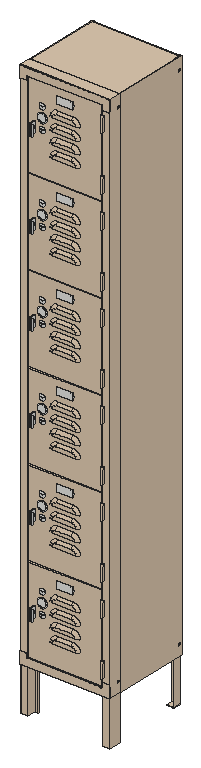
Revit family "Metal_Lockers-Salsbury_Industries-65000_66000_Series-1_Wide_Units", category Specialty Equipment, Revit 2022
Family settings
  Round Connector Dimension = Use Diameter
  Part Type = Normal
  OmniClass Number = 23.40.00.00
  OmniClass Title = Equipment and Furnishings
  Work Plane-Based = No
  Always vertical = Yes
  Cut with Voids When Loaded = No
  Maintain Annotation Orientation = No
  Shared = No
  Room Calculation Point = No
Parameters (values of type "66162 - with Standard 6" High Legs")
  Zee Base Corner - Right Side [instance] = Metal Locker Zee Base Corner : None
  Zee Base Corner - Left Side [instance] = Metal Locker Zee Base Corner : None
  Zee Base - Right Side [instance] = Metal Locker Zee Base-Right Side : None
  Zee Base - Left Side [instance] = Metal Locker Zee Base-Left Side : None
  Zee Base = Metal Locker Zee Base : None
  Width = 12.040"
  Version = "2.0 (06/30/17)"
  Unit Height including Sloping Hood Only [instance] = 78.625"
  Unit Height = 72.000"
  URL = "www.lockers.com"
  Type Comments = "Standard Metal Locker - Six Tier"
  Total Door(s) Height [instance] = 69.81949"
  Top Door = yes
  Top Compartment Divider = yes
  Test Data = "https://www.lockers.com/videolibrary/"
  Specification = "https://www.lockers.com/architect-resources//"
  Sloping Top In-Line Filler - Right Side [instance] = Metal Locker Sloping Top Filler : None
  Sloping Top In-Line Filler - Left Side [instance] = Metal Locker Sloping Top Filler : None
  Sloping Top Corner Filler - Right Side [instance] = Metal Locker Sloping Corner Filler : None
  Sloping Top Corner Filler - Left Side [instance] = Metal Locker Sloping Corner Filler : None
  Sloping Hood Height = if(Depth = 12.010", 6.625", if(Depth = 15.010", 8.682", if(Depth = 18.010", 10.739", 0.000")))  # 6.625"
  Sloping Hood [instance] = Metal Locker Sloping Hood : None
  Sales Information = "https://www.lockers.com/request_a_quote/"
  Right Side Base [instance] = Metal Locker Right Side Base : None
  Revision = "R1_2018-10"
  Product Data = "https://www.lockers.com/downloads__catalog/"
  Primary Structure Material [instance] = Paint - Salsbury Finish - Tan
  Overall Width including Rivets [instance] = 12.120"
  Unit Height including Base Only [instance] = 78.000"
  Overall Unit Height (including Base and Sloping Hood) [instance] = 84.625"
  OmniClass 23 Title = "Equipment and Furnishings"
  OmniClass 23 Number = "23.40.00.00"
  Model = "66162"
  MasterFormat Title = "Lockers"
  MasterFormat Number = "10 51 13"
  Manufacturer Website = "https://www.lockers.com/"
  Manufacturer Phone - Toll Free = "1-800-562-5377"
  Manufacturer Phone = "(323) 846-6700"
  Manufacturer Fax = "1-800-562-5399"
  Manufacturer Address = "1010 East 62nd Street, Los Angeles, CA 90001-1598"
  Manufacturer = "Salsbury Industries"
  Left Side Base [instance] = Metal Locker Left Side Base : None
  Keynote = "10 51 00"
  Installation-Fabrication = "https://www.lockers.com/downloads__installation_instructions/"
  Individual Door Height = 11.534"
  Hasp Plate Rivet Material = Steel -Salsbury Finish - Polished Steel
  Hasp Handle Material = Plastic - Salsbury Finish - Black
  Green Building-LEED = "https://www.arcat.com/green/green_building.shtml"
  Front Vertical Filler - Right [instance] = Metal Locker Front Filler : None
  Front Vertical Filler - Left [instance] = Metal Locker Front Filler : None
  Front Base [instance] = Metal Locker Front Base : None
  Flat Top In-Line Filler - Right Side [instance] = Metal Locker Flat Top Filler : None
  Flat Top In-Line Filler - Left Side [instance] = Metal Locker Flat Top Filler : None
  Flat Top Corner Filler - Right Side [instance] = Metal Locker Flat Corner Filler : None
  Flat Top Corner Filler - Left Side [instance] = Metal Locker Flat Corner Filler : None
  Individual Door Width [instance] = 9.90055"
  End Panel - Right Side [instance] = Metal Locker End Panel : None
  End Panel - Left Side [instance] = Metal Locker End Panel : None
  Drawn By = ""
  Door Location D1 = Metal Locker Doors-12 inch with Latch Hasps : Six Tier Door - 6 foot
  Description = "1 Wide - 6 Feet High - 12 Inches Deep"
  Depth = 12.010"
  Default Elevation = 0.000"
  Copyright = ""
  Construction Details = "https://www.lockers.com/downloads__catalog/"
  Compartment Divider Height = Individual Door Height - 0.375"  # 11.159"
  Category = ""
  Building Codes = "https://www.lockers.com/downloads__forms_and_information/"
  Base Height = 6.000"
  Standard Leg Base = Metal Locker Legs : 6" High - 12" W x 12" D
  Assembly Code = "C1030310"
Reference planes (in)
  plane 1 "Center (Front/Back)": y = 0
  plane 2: z = 0
  plane 3 "Center (Left/Right)": x = 0
  plane 4 "Floor": z = 0
  plane 5 "Bottom of Unit": z = 6
  plane 6 "Top of Unit": z = 78
  plane 7 "Left Side of Unit": x = -6.02
  plane 8 "Right Side of Unit": x = 6.02
  plane 9 "Back of Unit": y = 6.005
  plane 10 "Front of Unit": y = -6.005
  plane 11 "Top of Sloping Hood": z = 84.625
  plane 12 "Left Rivet": x = -6.06
  plane 13 "Right Rivet": x = 6.06
  plane 14 "Right Side of Door Opening": x = 5.02
  plane 15 "Left Side of Door Opening": x = -5.02
  plane 16 "Top of Door Opening": z = 77
  plane 17 "Bottom of Door Opening": z = 7
  plane 18 "Back Edge of Front Facing": y = -4.417
  plane 19 "Front Plate Plane": y = -6.065
  plane 20 "Horizontal Center of Top Rivets": z = 76.5
  plane 21 "Horiz Center of Bottom Rivets": z = 7.5
  plane 22 "Vertical Center of Back Rivets": y = 5.505
  plane 23 "Vertical Center of Front Rivets": y = -4.755
  plane 24 "Right Align Top Filler Overlap": x = 5.435
  plane 25 "Left Align Top Filler Overlap": x = -5.435
  plane 26 "Corner Filler Align-Left": x = -6.08
  plane 27 "Corner Filler Align-Right": x = 6.08
  plane 28 "Left Side of Door": x = -4.95029
  plane 29 "Right Side of Door": x = 4.95026
  plane 30 "Top of Door 1": z = 76.90976
  plane 31 "Bottom of Bottom Door": z = 7.09027
  plane 32 "Zee Base Offset": x = -5.669
  plane 33: x = 5.669
  plane 34 "Compartment Align 3": z = 19.159
  plane 35: x = -5.96
  plane 36: x = 5.96
  plane 37: x = -5.635
  plane 38: x = 5.635
  plane 39: y = 5.945
  plane 40: y = 5.895
  plane 41: y = 5.145
  plane 42: x = -5.9
  plane 43: x = 5.9
  plane 44: x = -5.095
  plane 45: x = 5.095
  plane 46: z = 77.94
  plane 47: z = 19.099
  plane 48: z = 18.159
  plane 49: z = 6.9204
  plane 50: z = 6.18539
  plane 51: z = 76.40796
  plane 52: z = 7.59204
  plane 53: z = 18.159
  plane 54: z = 18.62427
  plane 55: z = 18.74976
  plane 56: z = 30.28376
  plane 57: z = 30.40876
  plane 58: z = 29.78327
  plane 59: z = 30.72327
  plane 60 "Compartment Align 2": z = 30.78327
  plane 61: z = 53.72076
  plane 62: z = 41.94276
  plane 63: z = 42.06776
  plane 64: z = 41.44276
  plane 65: z = 42.38276
  plane 66 "Compartment Align 1": z = 42.44276
  plane 67: z = 71.20625
  plane 68: z = 53.60176
  plane 69: z = 53.72676
  plane 70: z = 65.26076
  plane 71: z = 65.38576
  plane 72: z = 53.10176
  plane 73: z = 54.04176
  plane 74: z = 54.10176
  plane 75: z = 64.76076
  plane 76: z = 65.70076
  plane 77: z = 65.76076
  plane 78: z = 82.86525
  plane 79: z = 94.52425
Forms (in)
  Sweep 1, solid, material "Paint - Salsbury Finish - Tan" <- "Primary Structure Material"
    path origin (0, -6.005, 0) x (1, 0, 0) y (0, 0, 1)
      loop
        line (-6.02, 78) -> (-6.02, 6) -> (6.02, 6) -> (6.02, 78) -> (-6.02, 78)
    profile origin (0, -6.005, 78) x (0, 0, 1) y (0, -1, 0)
      loop
        line (0, 0) -> (-1, 0) -> (-1, -1.588) -> (0, -1.588) -> (0, 0)
  Extrusion 2, solid, material "Paint - Salsbury Finish - Tan" <- "Primary Structure Material"
    sketch origin (0, 0, 6) x (0, -1, 0) y (1, 0, 0)
      loop
        line (4.417, 6.02) -> (-6.005, 6.02) -> (-6.005, 5.635) -> (-5.945, 5.635) -> (-5.945, 5.96) -> (4.417, 5.96) -> (4.417, 6.02)
    from 0 to 72
  Extrusion 3, solid, material "Paint - Salsbury Finish - Tan" <- "Primary Structure Material"
    sketch origin (0, 0, 6) x (0, -1, 0) y (1, 0, 0)
      loop
        line (4.417, -6.02) -> (4.417, -5.96) -> (-5.945, -5.96) -> (-5.945, -5.635) -> (-6.005, -5.635) -> (-6.005, -6.02) -> (4.417, -6.02)
    from 0 to 72
  Extrusion 4, solid, material "Paint - Salsbury Finish - Tan" <- "Primary Structure Material"
    sketch origin (0, 0, 6) x (0, -1, 0) y (1, 0, 0)
      loop
        line (-5.945, -5.96) -> (-5.145, -5.96) -> (-5.145, -5.9) -> (-5.895, -5.9) -> (-5.895, 5.9) -> (-5.145, 5.9) -> (-5.145, 5.96) -> (-5.945, 5.96) -> (-5.945, -5.96)
    from 0 to 72
  Sweep 5, solid, material "Paint - Salsbury Finish - Tan" <- "Primary Structure Material"
    path origin (0, 0, 7) x (0, -1, 0) y (1, 0, 0)
      loop
        line (4.417, -5.96) -> (4.417, 5.96) -> (-5.145, 5.96) -> (-5.145, 5.9) -> (-5.895, 5.9) -> (-5.895, -5.9) -> (-5.145, -5.9) -> (-5.145, -5.96) -> (4.417, -5.96)
    profile origin (-5.96, 0.364, 7) x (-1, 0, 0) y (0, 0, 1)
      loop
        line (0, -0.81461) -> (0, -0.0796) -> (-0.06, -0.0796) -> (-0.06, -0.81461) -> (0, -0.81461)
  Extrusion 6, solid, material "Paint - Salsbury Finish - Tan" <- "Primary Structure Material"
    sketch origin (0, 0, 7) x (0, -1, 0) y (1, 0, 0)
      loop
        line (-5.895, -5.9) -> (-5.145, -5.9) -> (-5.145, -5.96) -> (4.417, -5.96) -> (4.417, 5.96) -> (-5.145, 5.96) -> (-5.145, 5.9) -> (-5.895, 5.9) -> (-5.895, -5.9)
    from -0.0796 to 0
  Extrusion 7, solid, material "Paint - Salsbury Finish - Tan" <- "Primary Structure Material"
    sketch origin (0, 0, 78) x (0, -1, 0) y (1, 0, 0)
      loop
        line (-5.895, -5.9) -> (-5.145, -5.9) -> (-5.145, -5.96) -> (4.417, -5.96) -> (4.417, 5.96) -> (-5.145, 5.96) -> (-5.145, 5.9) -> (-5.895, 5.9) -> (-5.895, -5.9)
    from -0.06 to 0
  Extrusion 8, solid, material "Paint - Salsbury Finish - Tan" <- "Primary Structure Material"
    sketch origin (0, -6.065, 0) x (0, 0, -1) y (1, 0, 0)
      loop
        line (-78, -6.02) -> (-76.47656, -6.02)
        arc (-76.47656, -6.02) -> (-76.42806, -5.99991) -> (-76.40796, -5.9514) r 0.0686
        line (-76.40796, -5.9514) -> (-76.40796, -5.16351)
        arc (-76.40796, -5.16351) -> (-76.42809, -5.11506) -> (-76.47656, -5.095) r 0.0686
        line (-76.47656, -5.095) -> (-77, -5.095) -> (-77, 5.095) -> (-76.47656, 5.095)
        arc (-76.47656, 5.095) -> (-76.42809, 5.11506) -> (-76.40796, 5.16351) r 0.0686
        line (-76.40796, 5.16351) -> (-76.40796, 5.9514)
        arc (-76.40796, 5.9514) -> (-76.42806, 5.99991) -> (-76.47656, 6.02) r 0.0686
        line (-76.47656, 6.02) -> (-78, 6.02) -> (-78, -6.02)
    from -0.06 to 0
  Extrusion 9, solid, material "Paint - Salsbury Finish - Tan" <- "Primary Structure Material"
    sketch origin (0, -6.065, 84) x (0, 0, 1) y (-1, 0, 0)
      loop
        line (-78, 6.02) -> (-78, -6.02) -> (-76.47656, -6.02)
        arc (-76.47656, -6.02) -> (-76.42806, -5.99991) -> (-76.40796, -5.9514) r 0.0686
        line (-76.40796, -5.9514) -> (-76.40796, -5.16351)
        arc (-76.40796, -5.16351) -> (-76.42809, -5.11506) -> (-76.47656, -5.095) r 0.0686
        line (-76.47656, -5.095) -> (-77, -5.095) -> (-77, 5.095) -> (-76.47656, 5.095)
        arc (-76.47656, 5.095) -> (-76.42809, 5.11506) -> (-76.40796, 5.16351) r 0.0686
        line (-76.40796, 5.16351) -> (-76.40796, 5.9514)
        arc (-76.40796, 5.9514) -> (-76.42806, 5.99991) -> (-76.47656, 6.02) r 0.0686
        line (-76.47656, 6.02) -> (-78, 6.02)
    from -0.06 to 0
  Blend 10, solid, material "Steel -Salsbury Finish - Polished Steel" <- "Hasp Plate Rivet Material"
    base sketch origin (6.02, 0, 0) x (0, 0, -1) y (0, -1, 0)
      loop
        circle (-76.5, 4.755) r 0.187
    top sketch origin (6.02, 0, 0) x (0, 0, -1) y (0, -1, 0)
      loop
        circle (-76.5, 4.755) r 0.05319
    from 0 to -0.04
  Blend 11, solid, material "Steel -Salsbury Finish - Polished Steel" <- "Hasp Plate Rivet Material"
    base sketch origin (6.02, 0, -69) x (0, 0, -1) y (0, -1, 0)
      loop
        circle (-76.5, 4.755) r 0.187
    top sketch origin (6.02, 0, -69) x (0, 0, -1) y (0, -1, 0)
      loop
        circle (-76.5, 4.755) r 0.05319
    from 0 to -0.04
  Blend 12, solid, material "Steel -Salsbury Finish - Polished Steel" <- "Hasp Plate Rivet Material"
    base sketch origin (6.02, 10.26, -69) x (0, 0, -1) y (0, -1, 0)
      loop
        circle (-76.5, 4.755) r 0.187
    top sketch origin (6.02, 10.26, -69) x (0, 0, -1) y (0, -1, 0)
      loop
        circle (-76.5, 4.755) r 0.05319
    from 0 to -0.04
  Blend 13, solid, material "Steel -Salsbury Finish - Polished Steel" <- "Hasp Plate Rivet Material"
    base sketch origin (6.02, 10.26, 0.0043) x (0, 0, -1) y (0, -1, 0)
      loop
        circle (-76.5, 4.755) r 0.187
    top sketch origin (6.02, 10.26, 0.0043) x (0, 0, -1) y (0, -1, 0)
      loop
        circle (-76.5, 4.755) r 0.05319
    from 0 to -0.04
  Blend 14, solid, material "Steel -Salsbury Finish - Polished Steel" <- "Hasp Plate Rivet Material"
    base sketch origin (-6.02, 0, -69) x (0, 0, -1) y (0, 1, 0)
      loop
        circle (-76.5, -4.755) r 0.187
    top sketch origin (-6.02, 0, -69) x (0, 0, -1) y (0, 1, 0)
      loop
        circle (-76.5, -4.755) r 0.05319
    from 0 to -0.04
  Blend 15, solid, material "Steel -Salsbury Finish - Polished Steel" <- "Hasp Plate Rivet Material"
    base sketch origin (-6.02, 10.26, -69) x (0, 0, -1) y (0, 1, 0)
      loop
        circle (-76.5, -4.755) r 0.187
    top sketch origin (-6.02, 10.26, -69) x (0, 0, -1) y (0, 1, 0)
      loop
        circle (-76.5, -4.755) r 0.05319
    from 0 to -0.04
  Blend 16, solid, material "Steel -Salsbury Finish - Polished Steel" <- "Hasp Plate Rivet Material"
    base sketch origin (-6.02, 0, 0) x (0, 0, -1) y (0, 1, 0)
      loop
        circle (-76.5, -4.755) r 0.187
    top sketch origin (-6.02, 0, 0) x (0, 0, -1) y (0, 1, 0)
      loop
        circle (-76.5, -4.755) r 0.05319
    from 0 to -0.04
  Blend 17, solid, material "Steel -Salsbury Finish - Polished Steel" <- "Hasp Plate Rivet Material"
    base sketch origin (-6.02, 10.26, 0.00039) x (0, 0, -1) y (0, 1, 0)
      loop
        circle (-76.5, -4.755) r 0.187
    top sketch origin (-6.02, 10.26, 0.00039) x (0, 0, -1) y (0, 1, 0)
      loop
        circle (-76.5, -4.755) r 0.05319
    from 0 to -0.04
  Extrusion 18, solid, material "Paint - Salsbury Finish - Tan" <- "Primary Structure Material"
    sketch origin (0, 0, 19.159) x (0, -1, 0) y (1, 0, 0)
      loop
        line (-5.895, -5.9) -> (-5.145, -5.9) -> (-5.145, -5.96) -> (4.417, -5.96) -> (4.417, 5.96) -> (-5.145, 5.96) -> (-5.145, 5.9) -> (-5.895, 5.9) -> (-5.895, -5.9)
    from -0.06 to 0
  Sweep 19, solid, material "Paint - Salsbury Finish - Tan" <- "Primary Structure Material"
    path origin (0, 0, 19.159) x (0, -1, 0) y (1, 0, 0)
      loop
        line (4.417, -5.96) -> (4.417, 5.96) -> (-5.145, 5.96) -> (-5.145, 5.9) -> (-5.895, 5.9) -> (-5.895, -5.9) -> (-5.145, -5.9) -> (-5.145, -5.96) -> (4.417, -5.96)
    profile origin (-5.96, 0.364, 19.159) x (-1, 0, 0) y (0, 0, 1)
      loop
        line (0, -1) -> (0, -0.06) -> (-0.06, -0.06) -> (-0.06, -1) -> (0, -1)
  Extrusion 20, solid, material "Paint - Salsbury Finish - Tan" <- "Primary Structure Material"
    sketch origin (0, 0, 54.72076) x (0, -1, 0) y (1, 0, 0)
      loop
        line (-5.895, -5.9) -> (-5.145, -5.9) -> (-5.145, -5.96) -> (4.417, -5.96) -> (4.417, 5.96) -> (-5.145, 5.96) -> (-5.145, 5.9) -> (-5.895, 5.9) -> (-5.895, -5.9)
    from -23.99749 to -23.93749
  Sweep 21, solid, material "Paint - Salsbury Finish - Tan" <- "Primary Structure Material"
    path origin (0, 0, 30.78327) x (0, -1, 0) y (1, 0, 0)
      loop
        line (4.417, -5.96) -> (4.417, 5.96) -> (-5.145, 5.96) -> (-5.145, 5.9) -> (-5.895, 5.9) -> (-5.895, -5.9) -> (-5.145, -5.9) -> (-5.145, -5.96) -> (4.417, -5.96)
    profile origin (-5.96, 0.364, 30.78327) x (-1, 0, 0) y (0, 0, 1)
      loop
        line (0, -1) -> (0, -0.06) -> (-0.06, -0.06) -> (-0.06, -1) -> (0, -1)
  Extrusion 22, solid, material "Paint - Salsbury Finish - Tan" <- "Primary Structure Material"
    sketch origin (0, 0, 42.44276) x (0, -1, 0) y (1, 0, 0)
      loop
        line (-5.895, -5.9) -> (-5.145, -5.9) -> (-5.145, -5.96) -> (4.417, -5.96) -> (4.417, 5.96) -> (-5.145, 5.96) -> (-5.145, 5.9) -> (-5.895, 5.9) -> (-5.895, -5.9)
    from -0.06 to 0
  Sweep 23, solid, material "Paint - Salsbury Finish - Tan" <- "Primary Structure Material"
    path origin (0, 0, 42.44276) x (0, -1, 0) y (1, 0, 0)
      loop
        line (4.417, -5.96) -> (4.417, 5.96) -> (-5.145, 5.96) -> (-5.145, 5.9) -> (-5.895, 5.9) -> (-5.895, -5.9) -> (-5.145, -5.9) -> (-5.145, -5.96) -> (4.417, -5.96)
    profile origin (-5.96, 0.364, 42.44276) x (-1, 0, 0) y (0, 0, 1)
      loop
        line (0, -1) -> (0, -0.06) -> (-0.06, -0.06) -> (-0.06, -1) -> (0, -1)
  Extrusion 24, solid, material "Paint - Salsbury Finish - Tan" <- "Primary Structure Material"
    sketch origin (0, 0, 54.10176) x (0, -1, 0) y (1, 0, 0)
      loop
        line (-5.895, -5.9) -> (-5.145, -5.9) -> (-5.145, -5.96) -> (4.417, -5.96) -> (4.417, 5.96) -> (-5.145, 5.96) -> (-5.145, 5.9) -> (-5.895, 5.9) -> (-5.895, -5.9)
    from -0.06 to 0
  Sweep 25, solid, material "Paint - Salsbury Finish - Tan" <- "Primary Structure Material"
    path origin (0, 0, 54.10176) x (0, -1, 0) y (1, 0, 0)
      loop
        line (4.417, -5.96) -> (4.417, 5.96) -> (-5.145, 5.96) -> (-5.145, 5.9) -> (-5.895, 5.9) -> (-5.895, -5.9) -> (-5.145, -5.9) -> (-5.145, -5.96) -> (4.417, -5.96)
    profile origin (-5.96, 0.364, 54.10176) x (-1, 0, 0) y (0, 0, 1)
      loop
        line (0, -1) -> (0, -0.06) -> (-0.06, -0.06) -> (-0.06, -1) -> (0, -1)
  Extrusion 26, solid, material "Paint - Salsbury Finish - Tan" <- "Primary Structure Material", visible <- "Top Compartment Divider"
    sketch origin (0, 0, 65.76076) x (0, -1, 0) y (1, 0, 0)
      loop
        line (-5.895, -5.9) -> (-5.145, -5.9) -> (-5.145, -5.96) -> (4.417, -5.96) -> (4.417, 5.96) -> (-5.145, 5.96) -> (-5.145, 5.9) -> (-5.895, 5.9) -> (-5.895, -5.9)
    from -0.06 to 0
  Sweep 27, solid, material "Paint - Salsbury Finish - Tan" <- "Primary Structure Material", visible <- "Top Compartment Divider"
    path origin (0, 0, 65.76076) x (0, -1, 0) y (1, 0, 0)
      loop
        line (4.417, -5.96) -> (4.417, 5.96) -> (-5.145, 5.96) -> (-5.145, 5.9) -> (-5.895, 5.9) -> (-5.895, -5.9) -> (-5.145, -5.9) -> (-5.145, -5.96) -> (4.417, -5.96)
    profile origin (-5.96, 0.364, 65.76076) x (-1, 0, 0) y (0, 0, 1)
      loop
        line (0, -1) -> (0, -0.06) -> (-0.06, -0.06) -> (-0.06, -1) -> (0, -1)
Lines and regions (in)
  reference lines
    curve 1: line (-29.59242, -6.065, 78) -> (36.15758, -6.065, 78)
  symbolic lines
    curve 2: line (-6.02, 6.005, 78) -> (6.02, 6.005, 78)
    curve 3: line (-6.02, -6.065, 78) -> (-6.02, 6.005, 78)
    curve 4: line (6.02, -6.065, 78) -> (-6.02, -6.065, 78)
    curve 5: line (6.02, 6.005, 78) -> (6.02, -6.065, 78)
    curve 6: line (-6.06, -4.80819, 78) -> (-6.02, -4.91809, 78)
    curve 7: line (-6.02, -4.58043, 78) -> (-6.06, -4.70181, 78)
    curve 8: line (-6.06, -4.80819, 78) -> (-6.06, -4.70181, 78)
    curve 9: line (-6.06, 5.45181, 78) -> (-6.02, 5.31077, 78)
    curve 10: line (-6.06, 5.55819, 78) -> (-6.02, 5.68474, 78)
    curve 11: line (-6.06, 5.55819, 78) -> (-6.06, 5.45181, 78)
    curve 12: line (6.06, 5.55819, 78) -> (6.02, 5.70747, 78)
    curve 13: line (6.06, 5.45181, 78) -> (6.02, 5.3179, 78)
    curve 14: line (6.06, 5.55819, 78) -> (6.06, 5.45181, 78)
    curve 15: line (6.06, -4.70181, 78) -> (6.02, -4.57098, 78)
    curve 16: line (6.06, -4.80819, 78) -> (6.02, -4.94769, 78)
    curve 17: line (6.06, -4.70181, 78) -> (6.06, -4.80819, 78)
Dimensions and locks (in)
  equal spacing: plane 7 "Left Side of Unit", plane 3 "Center (Left/Right)", plane 8 "Right Side of Unit"
  "Width": plane 7 "Left Side of Unit" to plane 8 "Right Side of Unit"
  "Base Height": plane 5 "Bottom of Unit" to plane 4 "Floor"
  "Unit Height": plane 6 "Top of Unit" to plane 5 "Bottom of Unit"
  "Unit Height including Base Only": plane 6 "Top of Unit" to plane 4 "Floor"
  equal spacing: plane 10 "Front of Unit", plane 1 "Center (Front/Back)", plane 9 "Back of Unit"
  "Depth": plane 10 "Front of Unit" to plane 9 "Back of Unit"
  "Sloping Hood Height": plane 11 "Top of Sloping Hood" to plane 6 "Top of Unit"
  "Overall Unit Height (including Base and Sloping Hood)": plane 11 "Top of Sloping Hood" to plane 4 "Floor"
  locked: plane 12 "Left Rivet" to plane 7 "Left Side of Unit" at 0.04
  locked: plane 8 "Right Side of Unit" to plane 13 "Right Rivet" at 0.04
  "Overall Width including Rivets": plane 12 "Left Rivet" to plane 13 "Right Rivet"
  plane 6 "Top of Unit" to plane 16 "Top of Door Opening" to plane 30 "Top of Door 1" to plane 51 = 1.000" locked, 0.09024", 0.5018"
  plane 52 to plane 31 "Bottom of Bottom Door" to plane 17 "Bottom of Door Opening" to plane 5 "Bottom of Unit" = 0.50177", 0.09027", 1.000" locked
  plane 7 "Left Side of Unit" to plane 15 "Left Side of Door Opening" to plane 28 "Left Side of Door" = 1.000" locked, 0.06971"
  plane 29 "Right Side of Door" to plane 14 "Right Side of Door Opening" to plane 8 "Right Side of Unit" = 0.06974", 1.000" locked
  plane 19 "Front Plate Plane" to plane 10 "Front of Unit" to plane 18 "Back Edge of Front Facing" = 0.060" locked, 1.588" locked
  "Unit Height including Sloping Hood Only": plane 11 "Top of Sloping Hood" to plane 5 "Bottom of Unit"
  locked: plane 20 "Horizontal Center of Top Rivets" to plane 6 "Top of Unit" at 1.5
  locked: plane 5 "Bottom of Unit" to plane 21 "Horiz Center of Bottom Rivets" at 1.5
  locked: plane 22 "Vertical Center of Back Rivets" to plane 9 "Back of Unit" at 0.5
  locked: plane 10 "Front of Unit" to plane 23 "Vertical Center of Front Rivets" at 1.25
  locked: plane 24 "Right Align Top Filler Overlap" to plane 13 "Right Rivet" at 0.625
  locked: plane 12 "Left Rivet" to plane 25 "Left Align Top Filler Overlap" at 0.625
  locked: plane 8 "Right Side of Unit" to plane 27 "Corner Filler Align-Right" at 0.06
  locked: plane 26 "Corner Filler Align-Left" to plane 7 "Left Side of Unit" at 0.06
  "Individual Door Width": plane 28 "Left Side of Door" to plane 29 "Right Side of Door"
  "Total Door(s) Height": plane 30 "Top of Door 1" to plane 31 "Bottom of Bottom Door"
  plane 7 "Left Side of Unit" to plane 32 "Zee Base Offset" = 0.351"
  plane 33 to plane 8 "Right Side of Unit" = 0.351"
  plane 34 "Compartment Align 3" to plane 47 to plane 53 = 0.060" locked, 0.940" locked
  plane 7 "Left Side of Unit" to plane 35 to plane 42 to plane 37 = 0.060" locked, 0.060" locked, 0.265" locked
  plane 38 to plane 43 to plane 36 to plane 8 "Right Side of Unit" = 0.265" locked, 0.060", 0.060"
  plane 41 to plane 40 to plane 39 to plane 9 "Back of Unit" = 0.750" locked, 0.050", 0.060"
  locked: plane 7 "Left Side of Unit" to plane 44 at 0.925
  locked: plane 45 to plane 8 "Right Side of Unit" at 0.925
  locked: plane 6 "Top of Unit" to plane 46 at 0.06
  plane 47 to plane 48 = 0.940"
  locked: plane 17 "Bottom of Door Opening" to plane 49 at 0.0796
  plane 49 to plane 50 = 0.73501"
  "Compartment Divider Height": plane 53 to plane 17 "Bottom of Door Opening"
  "Individual Door Height": plane 54 to plane 31 "Bottom of Bottom Door"
  locked: plane 55 to plane 54 at 0.12549
  locked: plane 57 to plane 56 at 0.125
  "Individual Door Height": plane 56 to plane 55
  plane 60 "Compartment Align 2" to plane 59 to plane 58 = 0.060" locked, 0.940" locked
  locked: plane 63 to plane 62 at 0.125
  "Individual Door Height": plane 62 to plane 57
  "Compartment Divider Height": plane 58 to plane 54
  "Compartment Divider Height": plane 64 to plane 56
  plane 66 "Compartment Align 1" to plane 65 to plane 64 = 0.060", 0.940"
  locked: plane 69 to plane 68 at 0.125
  locked: plane 71 to plane 70 at 0.125
  "Individual Door Height": plane 68 to plane 63
  "Individual Door Height": plane 70 to plane 69
  "Compartment Divider Height": plane 72 to plane 62
  "Compartment Divider Height": plane 75 to plane 68
  plane 74 to plane 73 to plane 72 = 0.060" locked, 0.940" locked
  plane 77 to plane 76 to plane 75 = 0.060" locked, 0.940" locked
  aligned and locked: level to plane 2
  aligned and locked: Extrusion 2 to plane 6 "Top of Unit"
  aligned and locked: Extrusion 3 to plane 6 "Top of Unit"
  aligned and locked: Extrusion 4 to plane 6 "Top of Unit"
  aligned and locked: Extrusion 8 to plane 10 "Front of Unit"
  aligned and locked: Extrusion 9 to plane 10 "Front of Unit"
  aligned and locked: Extrusion 6 to plane 17 "Bottom of Door Opening"
  aligned and locked: plane 4 "Floor" to nested 2
  aligned and locked: plane 5 "Bottom of Unit" to Extrusion 9
  aligned and locked: plane 8 "Right Side of Unit" to nested 6
  aligned and locked: plane 7 "Left Side of Unit" to nested 7
  aligned and locked: Blend 10 to plane 13 "Right Rivet"
  aligned and locked: plane 8 "Right Side of Unit" to Blend 10
  aligned and locked: Blend 15 to plane 7 "Left Side of Unit"
  aligned and locked: Blend 14 to plane 7 "Left Side of Unit"  (x2)
  aligned and locked: plane 12 "Left Rivet" to Blend 14
  aligned and locked: plane 12 "Left Rivet" to Blend 15
  aligned and locked: Blend 14 to plane 12 "Left Rivet"
  aligned and locked: Blend 17 to plane 7 "Left Side of Unit"
  aligned and locked: plane 12 "Left Rivet" to Blend 17
  aligned and locked: Blend 16 to plane 7 "Left Side of Unit"
  aligned and locked: plane 12 "Left Rivet" to Blend 16
  aligned and locked: plane 5 "Bottom of Unit" to nested 10
  aligned and locked: plane 13 "Right Rivet" to nested 10
  aligned and locked: plane 12 "Left Rivet" to nested 11
  aligned and locked: nested 11 to plane 10 "Front of Unit"
  aligned and locked: plane 13 "Right Rivet" to nested 12
  aligned and locked: plane 10 "Front of Unit" to nested 12
  aligned and locked: plane 6 "Top of Unit" to nested 12
  aligned and locked: plane 12 "Left Rivet" to nested 13
  aligned and locked: plane 10 "Front of Unit" to nested 13
  aligned and locked: plane 6 "Top of Unit" to nested 13
  aligned and locked: plane 6 "Top of Unit" to nested 14
  aligned and locked: nested 14 to plane 19 "Front Plate Plane"
  aligned and locked: nested 14 to plane 24 "Right Align Top Filler Overlap"
  aligned and locked: nested 15 to plane 25 "Left Align Top Filler Overlap"
  aligned and locked: nested 15 to plane 19 "Front Plate Plane"
  aligned and locked: nested 10 to nested 15
  aligned and locked: plane 19 "Front Plate Plane" to nested 16
  aligned and locked: plane 6 "Top of Unit" to nested 16
  aligned and locked: nested 17 to plane 6 "Top of Unit"
  aligned and locked: nested 17 to plane 19 "Front Plate Plane"
  aligned and locked: plane 19 "Front Plate Plane" to nested 18
  aligned and locked: nested 19 to plane 24 "Right Align Top Filler Overlap"
  aligned and locked: nested 19 to plane 19 "Front Plate Plane"
  aligned and locked: plane 16 "Top of Door Opening" to nested 19
  aligned and locked: nested 20 to plane 16 "Top of Door Opening"
  aligned and locked: nested 20 to plane 25 "Left Align Top Filler Overlap"
  aligned and locked: nested 20 to plane 19 "Front Plate Plane"
  aligned and locked: nested 11 to plane 6 "Top of Unit"
  aligned and locked: plane 10 "Front of Unit" to nested 10
  aligned and locked: plane 10 "Front of Unit" to nested 23
  aligned and locked: plane 10 "Front of Unit" to nested 1
  aligned and locked: plane 10 "Front of Unit" to nested 2
  aligned and locked: plane 6 "Top of Unit" to nested 18
  aligned and locked: plane 7 "Left Side of Unit" to nested 17
  aligned and locked: plane 32 "Zee Base Offset" to nested 9
  aligned and locked: plane 18 "Back Edge of Front Facing" to nested 9
  aligned and locked: nested 8 to plane 18 "Back Edge of Front Facing"
  aligned and locked: plane 33 to nested 8
  aligned and locked: plane 8 "Right Side of Unit" to nested 21
  aligned and locked: nested 22 to plane 7 "Left Side of Unit"
  aligned and locked: nested 22 to curve 1
  aligned and locked: nested 21 to curve 1
  aligned and locked: Sweep 19 sketch curve to Extrusion 18
  aligned and locked: plane 7 "Left Side of Unit" to Extrusion 3
  aligned and locked: Extrusion 3 to plane 9 "Back of Unit"
  aligned and locked: Extrusion 2 to plane 8 "Right Side of Unit"
  aligned and locked: Extrusion 2 to plane 9 "Back of Unit"
  aligned and locked: plane 18 "Back Edge of Front Facing" to Extrusion 3
  aligned and locked: plane 18 "Back Edge of Front Facing" to Extrusion 2
  aligned and locked: plane 35 to Extrusion 3
  aligned and locked: plane 36 to Extrusion 2
  aligned and locked: plane 37 to Extrusion 3
  aligned and locked: plane 38 to Extrusion 2
  aligned and locked: plane 39 to Extrusion 3
  aligned and locked: plane 39 to Extrusion 2
  aligned and locked: Extrusion 4 to plane 39
  aligned and locked: plane 40 to Extrusion 4
  aligned and locked: plane 35 to Extrusion 4
  aligned and locked: plane 41 to Extrusion 4  (x2)
  aligned and locked: plane 42 to Extrusion 4
  aligned and locked: plane 43 to Extrusion 4
  aligned and locked: Extrusion 7 to plane 40
  aligned and locked: plane 42 to Extrusion 7
  aligned and locked: plane 35 to Extrusion 7  (x2)
  aligned and locked: Extrusion 7 to plane 41  (x2)
  aligned and locked: Extrusion 7 to plane 43
  aligned and locked: Extrusion 7 to plane 36  (x2)
  aligned and locked: plane 18 "Back Edge of Front Facing" to Extrusion 7
  aligned and locked: plane 18 "Back Edge of Front Facing" to Extrusion 6
  aligned and locked: Extrusion 6 to plane 40
  aligned and locked: Extrusion 6 to plane 43
  aligned and locked: Extrusion 6 to plane 41  (x2)
  aligned and locked: Extrusion 6 to plane 36
  aligned and locked: plane 42 to Extrusion 6
  aligned and locked: plane 35 to Extrusion 6
  aligned and locked: Sweep 5 to plane 40
  aligned and locked: Sweep 5 to plane 41  (x2)
  aligned and locked: Sweep 5 to plane 43
  aligned and locked: Sweep 5 to plane 36
  aligned and locked: plane 18 "Back Edge of Front Facing" to Sweep 5
  aligned and locked: plane 35 to Sweep 5
  aligned and locked: plane 42 to Sweep 5
  aligned and locked: Sweep 5 sketch curve to plane 42
  aligned and locked: plane 40 to Sweep 5 sketch curve
  aligned and locked: plane 41 to Sweep 5 sketch curve  (x2)
  aligned and locked: Sweep 5 sketch curve to plane 35  (x2)
  aligned and locked: plane 43 to Sweep 5 sketch curve
  aligned and locked: plane 36 to Sweep 5 sketch curve
  aligned and locked: Sweep 5 sketch curve to plane 18 "Back Edge of Front Facing"
  aligned and locked: Extrusion 18 to plane 40
  aligned and locked: Extrusion 18 to plane 43
  aligned and locked: Extrusion 18 to plane 41  (x2)
  aligned and locked: Extrusion 18 to plane 36
  aligned and locked: plane 18 "Back Edge of Front Facing" to Extrusion 18
  aligned and locked: plane 35 to Extrusion 18
  aligned and locked: plane 42 to Extrusion 18
  aligned and locked: plane 40 to Sweep 19 sketch curve
  aligned and locked: plane 43 to Sweep 19 sketch curve
  aligned and locked: plane 41 to Sweep 19 sketch curve  (x2)
  aligned and locked: plane 36 to Sweep 19 sketch curve
  aligned and locked: Sweep 19 sketch curve to plane 18 "Back Edge of Front Facing"
  aligned and locked: Sweep 19 sketch curve to plane 35  (x2)
  aligned and locked: Sweep 19 sketch curve to plane 42
  aligned and locked: plane 6 "Top of Unit" to Sweep 1 sketch curve  (x2)
  aligned and locked: Sweep 1 sketch curve to plane 7 "Left Side of Unit"
  aligned and locked: plane 8 "Right Side of Unit" to Sweep 1 sketch curve
  aligned and locked: Sweep 1 sketch curve to plane 5 "Bottom of Unit"
  aligned and locked: plane 10 "Front of Unit" to Sweep 1
  aligned and locked: Extrusion 8 to plane 19 "Front Plate Plane"
  aligned and locked: plane 10 "Front of Unit" to Extrusion 8
  aligned and locked: Extrusion 8 to plane 8 "Right Side of Unit"
  aligned and locked: plane 7 "Left Side of Unit" to Extrusion 8
  aligned and locked: plane 7 "Left Side of Unit" to Extrusion 9
  aligned and locked: plane 19 "Front Plate Plane" to Extrusion 9
  aligned and locked: Extrusion 9 to plane 8 "Right Side of Unit"
  aligned and locked: plane 44 to Extrusion 9
  aligned and locked: plane 45 to Extrusion 9
  aligned and locked: plane 45 to Extrusion 8
  aligned and locked: Extrusion 8 to plane 44
  aligned and locked: plane 29 "Right Side of Door" to nested 23
  aligned and locked: plane 18 "Back Edge of Front Facing" to Sweep 1 sketch curve
  aligned and locked: Sweep 1 sketch curve to plane 16 "Top of Door Opening"
  aligned and locked: Sweep 1 sketch curve to plane 10 "Front of Unit"
  aligned and locked: plane 5 "Bottom of Unit" to Extrusion 4
  aligned and locked: Extrusion 4 to plane 36
  aligned and locked: plane 5 "Bottom of Unit" to Extrusion 3
  aligned and locked: plane 5 "Bottom of Unit" to Extrusion 2
  aligned and locked: Extrusion 7 to plane 6 "Top of Unit"
  aligned and locked: plane 46 to Extrusion 7
  aligned and locked: Extrusion 18 to plane 34 "Compartment Align 3"
  aligned and locked: plane 47 to Extrusion 18
  aligned and locked: plane 42 to Sweep 19 sketch curve
  aligned and locked: plane 48 to Sweep 19 sketch curve
  aligned and locked: plane 49 to Extrusion 6
  aligned and locked: Sweep 5 to plane 49
  aligned and locked: plane 50 to Sweep 5 sketch curve
  aligned and locked: plane 49 to Sweep 5 sketch curve
  aligned and locked: plane 42 to Sweep 5 sketch curve
  aligned and locked: plane 51 to Extrusion 8  (x2)
  aligned and locked: Extrusion 8 to plane 6 "Top of Unit"
  aligned and locked: plane 16 "Top of Door Opening" to Extrusion 8
  aligned and locked: Extrusion 9 to plane 17 "Bottom of Door Opening"
  aligned and locked: plane 52 to Extrusion 9
  aligned and locked: Extrusion 9 to plane 52
  aligned and locked: plane 4 "Floor" to nested 1
  aligned and locked: plane 8 "Right Side of Unit" to nested 1
  aligned and locked: Blend 12 to plane 13 "Right Rivet"
  aligned and locked: plane 8 "Right Side of Unit" to Blend 12
  aligned and locked: plane 8 "Right Side of Unit" to Blend 13
  aligned and locked: Blend 13 to plane 13 "Right Rivet"
  aligned and locked: plane 8 "Right Side of Unit" to Blend 11
  aligned and locked: Blend 11 to plane 13 "Right Rivet"
  aligned and locked: nested 22 to curve 3
  aligned and locked: curve 4 to Extrusion 8
  aligned and locked: curve 5 to Extrusion 8
  aligned and locked: curve 8 to Blend 14
  aligned and locked: curve 11 to Blend 15
  aligned and locked: curve 14 to Blend 12
  aligned and locked: curve 17 to Blend 10
  aligned and locked: plane 53 to Sweep 19
  aligned and locked: nested 23 to plane 31 "Bottom of Bottom Door"
  aligned and locked: plane 55 to nested 24
  aligned and locked: plane 10 "Front of Unit" to nested 24
  aligned and locked: plane 29 "Right Side of Door" to nested 24
  aligned and locked: plane 29 "Right Side of Door" to nested 25
  aligned and locked: nested 25 to plane 57
  aligned and locked: Sweep 21 sketch curve to Extrusion 20
  aligned and locked: Extrusion 20 to plane 60 "Compartment Align 2"
  aligned and locked: plane 59 to Sweep 21
  aligned and locked: Sweep 21 sketch curve to plane 58
  aligned and locked: Extrusion 20 sketch curve to plane 40
  aligned and locked: plane 35 to Extrusion 20 sketch curve
  aligned and locked: plane 42 to Extrusion 20 sketch curve
  aligned and locked: Extrusion 20 sketch curve to plane 41  (x2)
  aligned and locked: plane 18 "Back Edge of Front Facing" to Extrusion 20 sketch curve
  aligned and locked: Extrusion 20 sketch curve to plane 36
  aligned and locked: Extrusion 20 sketch curve to plane 43
  aligned and locked: plane 40 to Sweep 21 sketch curve
  aligned and locked: Sweep 21 sketch curve to plane 42
  aligned and locked: Sweep 21 sketch curve to plane 35
  aligned and locked: plane 41 to Sweep 21 sketch curve  (x2)
  aligned and locked: Sweep 21 sketch curve to plane 18 "Back Edge of Front Facing"
  aligned and locked: plane 36 to Sweep 21 sketch curve
  aligned and locked: plane 43 to Sweep 21 sketch curve
  aligned and locked: plane 63 to nested 26
  aligned and locked: plane 65 to Extrusion 22
  aligned and locked: Extrusion 22 to plane 66 "Compartment Align 1"
  aligned and locked: Sweep 23 sketch curve to plane 64
  aligned and locked: plane 65 to Sweep 23 sketch curve
  aligned and locked: Sweep 23 sketch curve to plane 35
  aligned and locked: plane 41 to Sweep 23 sketch curve  (x2)
  aligned and locked: Sweep 23 sketch curve to plane 42
  aligned and locked: plane 40 to Sweep 23 sketch curve
  aligned and locked: plane 43 to Sweep 23 sketch curve
  aligned and locked: plane 36 to Sweep 23 sketch curve
  aligned and locked: Sweep 23 sketch curve to plane 18 "Back Edge of Front Facing"
  aligned and locked: Extrusion 22 to nested 5  (x3)
  aligned and locked: Extrusion 22 to plane 41  (x2)
  aligned and locked: Extrusion 22 to Sweep 23  (x2)
  aligned and locked: plane 18 "Back Edge of Front Facing" to Extrusion 22
  aligned and locked: plane 29 "Right Side of Door" to nested 26
  aligned and locked: plane 10 "Front of Unit" to nested 26
  aligned and locked: plane 10 "Front of Unit" to nested 25
  aligned and locked: nested 27 to plane 69
  aligned and locked: nested 28 to plane 71
  aligned and locked: plane 29 "Right Side of Door" to nested 27
  aligned and locked: plane 29 "Right Side of Door" to nested 28
  aligned and locked: plane 10 "Front of Unit" to nested 28
  aligned and locked: plane 10 "Front of Unit" to nested 27
  aligned and locked: Extrusion 24 to Sweep 25  (x2)
  aligned and locked: Extrusion 26 to Sweep 27  (x3)
  aligned and locked: Extrusion 24 to plane 74
  aligned and locked: plane 73 to Extrusion 24
  aligned and locked: Extrusion 26 to plane 77
  aligned and locked: plane 76 to Extrusion 26
  aligned and locked: plane 76 to Sweep 27 sketch curve
  aligned and locked: Sweep 27 sketch curve to plane 75
  aligned and locked: plane 73 to Sweep 25 sketch curve
  aligned and locked: Sweep 25 sketch curve to plane 72
  aligned and locked: Extrusion 24 sketch curve to plane 40
  aligned and locked: plane 42 to Extrusion 24 sketch curve
  aligned and locked: Extrusion 24 sketch curve to plane 41  (x2)
  aligned and locked: plane 35 to Extrusion 24 sketch curve
  aligned and locked: plane 18 "Back Edge of Front Facing" to Extrusion 24 sketch curve
  aligned and locked: Extrusion 24 sketch curve to plane 36
  aligned and locked: Extrusion 24 sketch curve to plane 43
  aligned and locked: plane 40 to Sweep 25 sketch curve
  aligned and locked: Sweep 25 sketch curve to plane 35
  aligned and locked: plane 41 to Sweep 25 sketch curve  (x2)
  aligned and locked: Sweep 25 sketch curve to plane 42
  aligned and locked: Sweep 25 sketch curve to plane 18 "Back Edge of Front Facing"
  aligned and locked: plane 36 to Sweep 25 sketch curve
  aligned and locked: plane 43 to Sweep 25 sketch curve
  aligned and locked: Extrusion 26 sketch curve to plane 40
  aligned and locked: plane 42 to Extrusion 26 sketch curve
  aligned and locked: Extrusion 26 sketch curve to plane 41  (x2)
  aligned and locked: plane 35 to Extrusion 26 sketch curve
  aligned and locked: plane 18 "Back Edge of Front Facing" to Extrusion 26 sketch curve
  aligned and locked: Extrusion 26 sketch curve to plane 36
  aligned and locked: Extrusion 26 sketch curve to plane 43
  aligned and locked: plane 40 to Sweep 27 sketch curve
  aligned and locked: Sweep 27 sketch curve to plane 42
  aligned and locked: plane 41 to Sweep 27 sketch curve  (x2)
  aligned and locked: Sweep 27 sketch curve to plane 35
  aligned and locked: Sweep 27 sketch curve to plane 18 "Back Edge of Front Facing"
  aligned and locked: plane 36 to Sweep 27 sketch curve
  aligned and locked: plane 43 to Sweep 27 sketch curve
  aligned and locked: plane 9 "Back of Unit" to curve 2
Automatic sketch dimensions
  Extrusion 2 sketch curve to plane 8 "Right Side of Unit" = 0.000"
  plane 9 "Back of Unit" to Extrusion 2 sketch curve = 0.000"
  Extrusion 2 sketch curve to plane 38 = 0.000"
  plane 39 to Extrusion 2 sketch curve = 0.000"
  plane 18 "Back Edge of Front Facing" to Extrusion 2 sketch curve = 0.000"
  Extrusion 2 sketch curve to plane 36 = 0.000"
  Extrusion 3 sketch curve to plane 7 "Left Side of Unit" = 0.000"
  plane 9 "Back of Unit" to Extrusion 3 sketch curve = 0.000"
  Extrusion 3 sketch curve to plane 37 = 0.000"
  plane 39 to Extrusion 3 sketch curve = 0.000"
  plane 18 "Back Edge of Front Facing" to Extrusion 3 sketch curve = 0.000"
  Extrusion 3 sketch curve to plane 35 = 0.000"
  Extrusion 4 sketch curve to plane 35 = 0.000"
  plane 39 to Extrusion 4 sketch curve = 0.000"
  plane 40 to Extrusion 4 sketch curve = 0.000"
  plane 41 to Extrusion 4 sketch curve = 0.000"  (x2)
  Extrusion 4 sketch curve to plane 42 = 0.000"
  Extrusion 4 sketch curve to plane 43 = 0.000"
  Extrusion 4 sketch curve to plane 36 = 0.000"
  plane 40 to Extrusion 6 sketch curve = 0.000"
  Extrusion 6 sketch curve to plane 35 = 0.000"
  plane 41 to Extrusion 6 sketch curve = 0.000"  (x2)
  plane 18 "Back Edge of Front Facing" to Extrusion 6 sketch curve = 0.000"
  Extrusion 6 sketch curve to plane 42 = 0.000"
  Extrusion 6 sketch curve to plane 43 = 0.000"
  Extrusion 6 sketch curve to plane 36 = 0.000"
  plane 40 to Extrusion 7 sketch curve = 0.000"
  Extrusion 7 sketch curve to plane 35 = 0.000"
  plane 41 to Extrusion 7 sketch curve = 0.000"  (x2)
  plane 18 "Back Edge of Front Facing" to Extrusion 7 sketch curve = 0.000"
  Extrusion 7 sketch curve to plane 42 = 0.000"
  Extrusion 7 sketch curve to plane 43 = 0.000"
  Extrusion 7 sketch curve to plane 36 = 0.000"
  Extrusion 8 sketch curve to plane 6 "Top of Unit" = 0.000"
  Extrusion 8 sketch curve to plane 16 "Top of Door Opening" = 0.000"
  plane 44 to Extrusion 8 sketch curve = 0.000"
  plane 7 "Left Side of Unit" to Extrusion 8 sketch curve = 0.000"
  plane 45 to Extrusion 8 sketch curve = 0.000"
  plane 8 "Right Side of Unit" to Extrusion 8 sketch curve = 0.000"
  Extrusion 8 sketch curve to plane 51 = 0.000"  (x2)
  plane 20 "Horizontal Center of Top Rivets" to Extrusion 8 sketch curve = 0.02344"  (x4)
  Extrusion 8 sketch curve to Extrusion 8 sketch curve = 0.0686"
  Extrusion 8 sketch curve to plane 45 = 0.06851"
  Extrusion 9 sketch curve to plane 5 "Bottom of Unit" = 0.000"
  Extrusion 9 sketch curve to plane 17 "Bottom of Door Opening" = 0.000"
  plane 44 to Extrusion 9 sketch curve = 0.000"
  plane 7 "Left Side of Unit" to Extrusion 9 sketch curve = 0.000"
  plane 45 to Extrusion 9 sketch curve = 0.000"
  plane 8 "Right Side of Unit" to Extrusion 9 sketch curve = 0.000"
  Extrusion 9 sketch curve to plane 52 = 0.000"  (x2)
  plane 21 "Horiz Center of Bottom Rivets" to Extrusion 9 sketch curve = 0.02344"  (x4)
  Extrusion 9 sketch curve to Extrusion 9 sketch curve = 0.0686"
  plane 45 to Extrusion 9 sketch curve = 0.06851"
  plane 20 "Horizontal Center of Top Rivets" to Blend 10 sketch curve = 0.000"  (x2)
  Blend 10 sketch curve to plane 23 "Vertical Center of Front Rivets" = 0.000"  (x2)
  plane 21 "Horiz Center of Bottom Rivets" to Blend 11 sketch curve = 0.000"  (x2)
  Blend 11 sketch curve to plane 23 "Vertical Center of Front Rivets" = 0.000"  (x2)
  plane 21 "Horiz Center of Bottom Rivets" to Blend 12 sketch curve = 0.000"  (x2)
  Blend 12 sketch curve to plane 22 "Vertical Center of Back Rivets" = 0.000"  (x2)
  Blend 13 sketch curve to plane 22 "Vertical Center of Back Rivets" = 0.000"  (x2)
  Blend 13 sketch curve to plane 20 "Horizontal Center of Top Rivets" = 0.0043"  (x2)
  plane 21 "Horiz Center of Bottom Rivets" to Blend 14 sketch curve = 0.000"  (x2)
  Blend 14 sketch curve to plane 23 "Vertical Center of Front Rivets" = 0.000"  (x2)
  plane 21 "Horiz Center of Bottom Rivets" to Blend 15 sketch curve = 0.000"  (x2)
  Blend 15 sketch curve to plane 22 "Vertical Center of Back Rivets" = 0.000"  (x2)
  plane 20 "Horizontal Center of Top Rivets" to Blend 16 sketch curve = 0.000"  (x2)
  Blend 16 sketch curve to plane 23 "Vertical Center of Front Rivets" = 0.000"  (x2)
  Blend 17 sketch curve to plane 22 "Vertical Center of Back Rivets" = 0.000"  (x2)
  Blend 17 sketch curve to plane 20 "Horizontal Center of Top Rivets" = 0.00039"  (x2)
  plane 19 "Front Plate Plane" to curve 1 = 0.000"
  plane 26 "Corner Filler Align-Left" to curve 1 = 23.51242"
  curve 1 to plane 27 "Corner Filler Align-Right" = 30.07758"
  plane 40 to Extrusion 18 sketch curve = 0.000"
  Extrusion 18 sketch curve to plane 35 = 0.000"
  plane 41 to Extrusion 18 sketch curve = 0.000"  (x2)
  plane 18 "Back Edge of Front Facing" to Extrusion 18 sketch curve = 0.000"
  Extrusion 18 sketch curve to plane 42 = 0.000"
  Extrusion 18 sketch curve to plane 43 = 0.000"
  Extrusion 18 sketch curve to plane 36 = 0.000"
  Sweep 21 sketch curve to profile plane = 0.000"
  Sweep 21 sketch curve to Sweep 21 sketch curve = 0.060"
  plane 40 to Extrusion 22 sketch curve = 0.000"
  Extrusion 22 sketch curve to plane 35 = 0.000"
  plane 41 to Extrusion 22 sketch curve = 0.000"  (x2)
  plane 18 "Back Edge of Front Facing" to Extrusion 22 sketch curve = 0.000"
  Extrusion 22 sketch curve to plane 42 = 0.000"
  Extrusion 22 sketch curve to plane 43 = 0.000"
  Extrusion 22 sketch curve to plane 36 = 0.000"
  Sweep 23 sketch curve to profile plane = 0.000"
  Sweep 23 sketch curve to Sweep 23 sketch curve = 0.060"
  Sweep 25 sketch curve to profile plane = 0.000"
  Sweep 25 sketch curve to Sweep 25 sketch curve = 0.060"
  Sweep 27 sketch curve to profile plane = 0.000"
  Sweep 27 sketch curve to Sweep 27 sketch curve = 0.060"
  curve 11 to plane 22 "Vertical Center of Back Rivets" = 0.05319"
  curve 14 to plane 22 "Vertical Center of Back Rivets" = 0.05319"
  plane 22 "Vertical Center of Back Rivets" to curve 9 = 0.05319"
  plane 22 "Vertical Center of Back Rivets" to curve 13 = 0.05319"
  curve 17 to plane 23 "Vertical Center of Front Rivets" = 0.05319"
  curve 8 to plane 23 "Vertical Center of Front Rivets" = 0.05319"
  plane 23 "Vertical Center of Front Rivets" to curve 8 = 0.05319"
  plane 23 "Vertical Center of Front Rivets" to curve 17 = 0.05319"
  curve 12 to curve 12 = 0.14928"
  curve 10 to curve 10 = 0.12655"
  curve 13 to curve 13 = 0.13391"
  curve 9 to curve 9 = 0.14104"
  curve 15 to curve 15 = 0.13083"
  curve 7 to curve 7 = 0.12138"
  curve 6 to curve 6 = 0.1099"
  curve 16 to curve 16 = 0.1395"
  radius of Blend 10 sketch curve = 0.187"
  radius of Blend 10 sketch curve = 0.05319"
  radius of Blend 11 sketch curve = 0.187"
  radius of Blend 11 sketch curve = 0.05319"
  radius of Blend 12 sketch curve = 0.187"
  radius of Blend 12 sketch curve = 0.05319"
  radius of Blend 13 sketch curve = 0.187"
  radius of Blend 13 sketch curve = 0.05319"
  radius of Blend 14 sketch curve = 0.187"
  radius of Blend 14 sketch curve = 0.05319"
  radius of Blend 15 sketch curve = 0.187"
  radius of Blend 15 sketch curve = 0.05319"
  radius of Blend 16 sketch curve = 0.187"
  radius of Blend 16 sketch curve = 0.05319"
  radius of Blend 17 sketch curve = 0.187"
  radius of Blend 17 sketch curve = 0.05319"
Nested families (in)
  nested 1: "Metal Locker Legs" at (0, 0, 0), type <- "Standard Leg Base", type "6" High - 12" W x 12" D"
  nested 2: "Metal Locker Front Base" at (0, 0, 0), type <- "Front Base", type "None"
  nested 3: "Metal Locker Right Side Base" at (0, 0.794, 0), type <- "Right Side Base", type "None"
  nested 4: "Metal Locker Left Side Base" at (-10.79, 0.794, 0), type <- "Left Side Base", type "None"
  nested 5: "Metal Locker Zee Base" at (0, 0, 0), type <- "Zee Base", type "None"
  nested 6: "Metal Locker Zee Base-Right Side" at (0.03, 0.824, 0), type <- "Zee Base - Right Side", type "None"
  nested 7: "Metal Locker Zee Base-Left Side" at (-8.01, 0.824, 0), type <- "Zee Base - Left Side", type "None"
  nested 8: "Metal Locker Zee Base Corner" at (6.669, -5.417, 0), type <- "Zee Base Corner - Right Side", type "None"
  nested 9: "Metal Locker Zee Base Corner" at (-6.669, -5.417, 0) x (-1, 0, 0) z (0, 0, 1), type <- "Zee Base Corner - Left Side", type "None"
  nested 10: "Metal Locker End Panel" at (10.1925, 2.167, 6), type <- "End Panel - Right Side", type "None"
  nested 11: "Metal Locker End Panel" at (-10.1925, 2.167, 6) x (-1, 0, 0) z (0, 0, 1), type <- "End Panel - Left Side", type "None"
  nested 12: "Metal Locker Front Filler" at (18.155, -3.088, 0), type <- "Front Vertical Filler - Right", type "None"
  nested 13: "Metal Locker Front Filler" at (-8.965, -3.088, 0), type <- "Front Vertical Filler - Left", type "None"
  nested 14: "Metal Locker Flat Top Filler" at (18.155, 2.113, 77.045), type <- "Flat Top In-Line Filler - Right Side", type "None"
  nested 15: "Metal Locker Flat Top Filler" at (-8.965, 2.113, 77.045), type <- "Flat Top In-Line Filler - Left Side", type "None"
  nested 16: "Metal Locker Flat Corner Filler" at (16.3025, 1.7895, 78), type <- "Flat Top Corner Filler - Right Side", type "None"
  nested 17: "Metal Locker Flat Corner Filler" at (-16.3025, 1.7895, 78) x (-1, 0, 0) z (0, 0, 1), type <- "Flat Top Corner Filler - Left Side", type "None"
  nested 18: "Metal Locker Sloping Hood" at (4.595, 2.137, 78), type <- "Sloping Hood", type "None"
  nested 19: "Metal Locker Sloping Top Filler" at (18.155, 2.113, 78.028), type <- "Sloping Top In-Line Filler - Right Side", type "None"
  nested 20: "Metal Locker Sloping Top Filler" at (-8.965, 2.113, 78.028), type <- "Sloping Top In-Line Filler - Left Side", type "None"
  nested 21: "Metal Locker Sloping Corner Filler" at (13.9095, -4.9375, 77.71202) x (0, -1, 0) z (0, 0, 1), type <- "Sloping Top Corner Filler - Right Side", type "None"
  nested 22: "Metal Locker Sloping Corner Filler" at (-7.1475, 1.8245, 77.71223), type <- "Sloping Top Corner Filler - Left Side", type "None"
  nested 23: "Metal Locker Doors-12 inch with Latch Hasps" at (-0.00024, -5.555, 7.09027), type <- "Door Location D1", type "Six Tier Door - 6 foot"
  nested 24: "Metal Locker Doors-12 inch with Latch Hasps" at (-0.00024, -5.555, 18.74976), type <- "Door Location D1", type "Six Tier Door - 6 foot"
  nested 25: "Metal Locker Doors-12 inch with Latch Hasps" at (-0.00024, -5.555, 30.40876), type <- "Door Location D1", type "Six Tier Door - 6 foot"
  nested 26: "Metal Locker Doors-12 inch with Latch Hasps" at (-0.00024, -5.555, 42.06776), type <- "Door Location D1", type "Six Tier Door - 6 foot"
  nested 27: "Metal Locker Doors-12 inch with Latch Hasps" at (-0.00024, -5.555, 53.72676), type <- "Door Location D1", type "Six Tier Door - 6 foot"
  nested 28: "Metal Locker Doors-12 inch with Latch Hasps" at (-0.00024, -5.555, 65.38576), type <- "Door Location D1", visible <- "Top Door", type "Six Tier Door - 6 foot"
Definition of nested family "Metal Locker Legs"
  Parameters (values of type "6" High - 12"W x 18"D - Bridge")
    Width = 12.007"
    Visible = yes
    Version = "1.0 (11/30/15)"
    Type Comments = "Standard Metal Locker Legs - Bridge"
    Primary Structure Material = none
    Model = "n/a"
    MasterFormat Title = ""
    MasterFormat Number = ""
    Manufacturer = "Salsbury Industries"
    Description = "12\"W x 6\" H x 18\"D"
    Depth = 18.010"
    Height = 6.000"
    Default Elevation = 0.000"
    Assembly Code = ""
  Types (7): name | Width | Visible | Type Comments | Description | Depth
    6" High - 12" W x 12" D | 12.040" | yes | "Standard Metal Locker Legs" | "12\"W x 6\" H x 12\"D" | 12.010"
    6" High - 12" W x 15" D | 12.040" | yes | "Standard Metal Locker Legs" | "12\"W x 6\" H x 15\"D" | 15.010"
    6" High - 12"W x 18"D | 12.040" | yes | "Standard Metal Locker Legs" | "12\"W x 6\" H x 18\"D" | 18.010"
    6" High - 15"W x 15"D | 15.040" | yes | "Standard Metal Locker Legs" | "15\"W x 6\" H x 15\"D" | 15.010"
    6" High - 15"W x 18"D | 15.040" | yes | "Standard Metal Locker Legs" | "15\"W x 6\" H x 18\"D" | 18.010"
    No Legs | 12.040" | no | "No Legs" | "" | 12.010"
    6" High - 12"W x 18"D - Bridge | 12.007" | yes | "Standard Metal Locker Legs - Bridge" | "12\"W x 6\" H x 18\"D" | 18.010"
  Reference planes (in)
    plane 1 "Center (Front/Back)": y = 0
    plane 2: z = 0
    plane 3 "Center (Left/Right)": x = 0
    plane 4 "Floor": z = 0
    plane 5 "Bottom of Unit": z = 6
    plane 6 "Left Side of Unit": x = -6.0035
    plane 7 "Right Side of Unit": x = 6.0035
    plane 8 "Back of Unit": y = 9.005
    plane 9 "Front of Unit": y = -9.005
    plane 10 "Right Side of Door Opening": x = 5.0035
    plane 11 "Left Side of Door Opening": x = -5.0035
    plane 12 "Top of back legs": z = 6.185
    plane 13 "Back Edge of Front Facing": y = -7.417
    plane 14 "Inside Edge of Front Leg": x = -4.5635
    plane 15 "Inside Edge of Right Leg": x = 4.5635
    plane 16: y = -7.82
    plane 17 "Back Edge of Rear Legs": y = 8.895
    plane 18 "Right Edge of Rear Right Leg": x = 5.8835
    plane 19 "Left Edge or Rear Left Leg": x = -5.8835
    plane 20: y = 7.895
    plane 21 "Inside Edge or Rear Right Leg": x = 4.8835
    plane 22 "Inside Edge or Left Rear Leg": x = -4.8835
  Forms (in)
    Extrusion 1, solid, material <- "Primary Structure Material", visible <- "Visible"
      sketch origin (0, 0, 0) x (0, -1, 0) y (1, 0, 0)
        loop
          line (7.417, 6.0035) -> (7.417, 5.9435) -> (8.945, 5.9435) -> (8.945, 5.0635) -> (7.76, 5.0635) -> (7.76, 4.5635) -> (7.82, 4.5635) -> (7.82, 5.0035) -> (9.005, 5.0035) -> (9.005, 6.0035) -> (7.417, 6.0035)
      from 0 to 6
    Extrusion 2, solid, material <- "Primary Structure Material", visible <- "Visible"
      sketch origin (0, 0, 0) x (0, -1, 0) y (1, 0, 0)
        loop
          line (7.417, -6.0035) -> (9.005, -6.0035) -> (9.005, -5.0035) -> (7.82, -5.0035) -> (7.82, -4.5635) -> (7.76, -4.5635) -> (7.76, -5.0635) -> (8.945, -5.0635) -> (8.945, -5.9435) -> (7.417, -5.9435) -> (7.417, -6.0035)
      from 0 to 6
    Extrusion 3, solid, material <- "Primary Structure Material", visible <- "Visible"
      sketch origin (0, 0, 0) x (0, -1, 0) y (1, 0, 0)
        loop
          line (-8.895, 5.8835) -> (-8.895, 4.8835) -> (-8.835, 4.8835) -> (-8.835, 5.8235) -> (-7.895, 5.8235) -> (-7.895, 5.8835) -> (-8.895, 5.8835)
      from 0.06 to 6.185
    Extrusion 4, solid, material <- "Primary Structure Material", visible <- "Visible"
      sketch origin (0, 0, 0) x (0, -1, 0) y (1, 0, 0)
        loop
          line (-8.895, 5.8835) -> (-8.895, 4.8835) -> (-7.895, 4.8835) -> (-7.895, 5.8835) -> (-8.895, 5.8835)
      from 0 to 0.06
    Extrusion 5, solid, material <- "Primary Structure Material", visible <- "Visible"
      sketch origin (0, 0, 0) x (0, -1, 0) y (1, 0, 0)
        loop
          line (-8.895, -5.8835) -> (-7.895, -5.8835) -> (-7.895, -5.8235) -> (-8.835, -5.8235) -> (-8.835, -4.8835) -> (-8.895, -4.8835) -> (-8.895, -5.8835)
      from 0.06 to 6.185
    Extrusion 6, solid, material <- "Primary Structure Material", visible <- "Visible"
      sketch origin (0, 0, 0) x (0, -1, 0) y (1, 0, 0)
        loop
          line (-8.895, -5.8835) -> (-7.895, -5.8835) -> (-7.895, -4.8835) -> (-8.895, -4.8835) -> (-8.895, -5.8835)
      from 0 to 0.06
  Dimensions and locks (in)
    equal spacing: plane 6 "Left Side of Unit", plane 3 "Center (Left/Right)", plane 7 "Right Side of Unit"
    "Width": plane 6 "Left Side of Unit" to plane 7 "Right Side of Unit"
    "Height": plane 5 "Bottom of Unit" to plane 4 "Floor"
    equal spacing: plane 9 "Front of Unit", plane 1 "Center (Front/Back)", plane 8 "Back of Unit"
    "Depth": plane 9 "Front of Unit" to plane 8 "Back of Unit"
    plane 12 "Top of back legs" to plane 5 "Bottom of Unit" = 0.185"
    plane 6 "Left Side of Unit" to plane 11 "Left Side of Door Opening" = 1.000"
    plane 10 "Right Side of Door Opening" to plane 7 "Right Side of Unit" = 1.000"
    locked: plane 9 "Front of Unit" to plane 13 "Back Edge of Front Facing" at 1.588
    plane 11 "Left Side of Door Opening" to plane 14 "Inside Edge of Front Leg" = 0.440"
    plane 15 "Inside Edge of Right Leg" to plane 10 "Right Side of Door Opening" = 0.440"
    plane 9 "Front of Unit" to plane 16 = 1.185"
    plane 15 "Inside Edge of Right Leg" to plane 21 "Inside Edge or Rear Right Leg" to plane 10 "Right Side of Door Opening" to plane 18 "Right Edge of Rear Right Leg" to plane 7 "Right Side of Unit" = 0.320", 0.120", 0.880", 0.120"
    plane 6 "Left Side of Unit" to plane 19 "Left Edge or Rear Left Leg" to plane 11 "Left Side of Door Opening" to plane 22 "Inside Edge or Left Rear Leg" to plane 14 "Inside Edge of Front Leg" = 0.120", 0.880", 0.120", 0.320"
    plane 20 to plane 17 "Back Edge of Rear Legs" to plane 8 "Back of Unit" = 1.000", 0.110"
    aligned and locked: level to plane 2
    aligned and locked: Extrusion 3 to Extrusion 4
    aligned and locked: Extrusion 6 to Extrusion 5
    aligned and locked: Extrusion 3 to plane 18 "Right Edge of Rear Right Leg"
    aligned and locked: Extrusion 3 to plane 17 "Back Edge of Rear Legs"
    aligned and locked: Extrusion 5 to plane 19 "Left Edge or Rear Left Leg"
    aligned and locked: Extrusion 5 to plane 17 "Back Edge of Rear Legs"
    aligned and locked: Extrusion 2 to plane 5 "Bottom of Unit"
    aligned and locked: Extrusion 1 to plane 5 "Bottom of Unit"
    aligned and locked: Extrusion 3 to plane 12 "Top of back legs"
    aligned and locked: Extrusion 5 to plane 12 "Top of back legs"
  Automatic sketch dimensions
    plane 13 "Back Edge of Front Facing" to Extrusion 1 sketch curve = 0.000"
    Extrusion 1 sketch curve to plane 15 "Inside Edge of Right Leg" = 0.000"
    plane 16 to Extrusion 1 sketch curve = 0.000"
    Extrusion 1 sketch curve to plane 7 "Right Side of Unit" = 0.000"
    plane 9 "Front of Unit" to Extrusion 1 sketch curve = 0.000"
    Extrusion 1 sketch curve to plane 10 "Right Side of Door Opening" = 0.000"
    Extrusion 1 sketch curve to plane 16 = 0.060"
    Extrusion 1 sketch curve to plane 9 "Front of Unit" = 0.060"
    Extrusion 1 sketch curve to plane 10 "Right Side of Door Opening" = 0.060"
    plane 7 "Right Side of Unit" to Extrusion 1 sketch curve = 0.060"
    plane 13 "Back Edge of Front Facing" to Extrusion 2 sketch curve = 0.000"
    Extrusion 2 sketch curve to plane 14 "Inside Edge of Front Leg" = 0.000"
    plane 16 to Extrusion 2 sketch curve = 0.000"
    Extrusion 2 sketch curve to plane 6 "Left Side of Unit" = 0.000"
    plane 9 "Front of Unit" to Extrusion 2 sketch curve = 0.000"
    Extrusion 2 sketch curve to plane 11 "Left Side of Door Opening" = 0.000"
    plane 16 to Extrusion 2 sketch curve = 0.060"
    plane 9 "Front of Unit" to Extrusion 2 sketch curve = 0.060"
    Extrusion 2 sketch curve to plane 11 "Left Side of Door Opening" = 0.060"
    plane 6 "Left Side of Unit" to Extrusion 2 sketch curve = 0.060"
